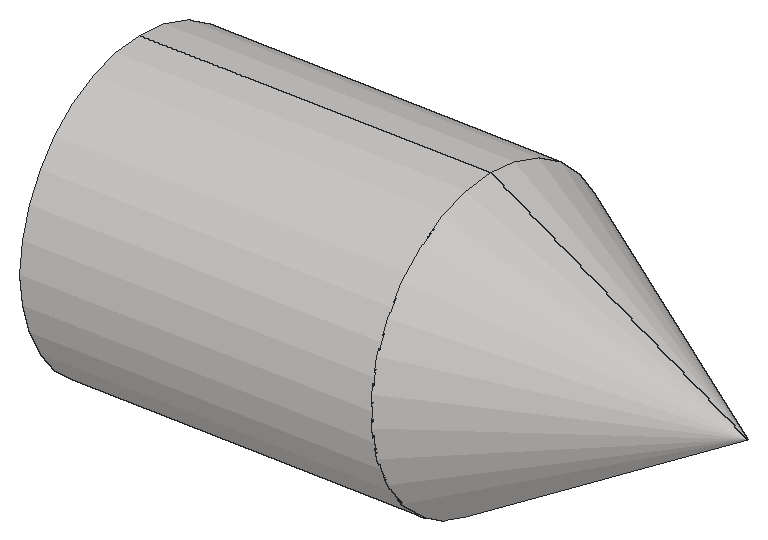
Revit family "DF_НаконечникЗаземления_EZETEK", category Соединительные детали воздуховодов, Revit 2017
Family settings
  Размер круглого соединителя = Использовать радиус
  Тип детали = Заглушка
  На основе рабочей плоскости = Нет
  Всегда вертикально = Да
  При загрузке вырезать с полостями = Нет
  Общий = Нет
Parameters (values of type "НаконечникЗаземления_НержавеющаяСталь_EZETEK")
  Тип = FA_НаконечникЗаземления_EZETEK : НаконечникЗаземления_НержавеющаяСталь_EZETEK
  СфераОшибки [instance] = if(or(and(or(ADSK_Размер_Диаметр < 14 mm, ADSK_Размер_Диаметр > 20 mm), Code1 = 1 mm), and(or(ADSK_Размер_Диаметр < 16 mm, ADSK_Размер_Диаметр > 16 mm), Code1 = 2 mm)), 1 = 1, 1 = 0)  # no
  Предупреждение [instance] = if(СфераОшибки, "Допустимые диаметры стержней: 8, 10", "")  # ""
  Описание = "Зажим позволяет выполнить соединение в параллельном направлении полосы шириной до 40 мм и прутка 8-10 мм, а также осуществить переход с полосы на пруток."  # constant formula
  Группа модели = "Наконечники заземления"  # constant formula
  Графика_Сместить [instance] = no
  Производитель_Контакты = "ezetek@ezetek.ru"  # constant formula
  built-in parameter 1114242 [instance] = 1 = 0  # (empty or 0)
  Изготовитель = "Ezetek"  # constant formula
  URL = "https://ezetek.ru/"
  R_Error [instance] = if(or(and(or(ADSK_Размер_Диаметр < 14 mm, ADSK_Размер_Диаметр > 20 mm), Code1 = 1 mm), and(or(ADSK_Размер_Диаметр < 16 mm, ADSK_Размер_Диаметр > 16 mm), Code1 = 2 mm)), 200 mm, 1 mm)  # 1 mm
  D [instance] = if(ADSK_Размер_Диаметр < 14 mm, 14 mm, if(ADSK_Размер_Диаметр > 20 mm, 20 mm, ADSK_Размер_Диаметр))  # 16 mm
  Code1 = 2 mm
  ADSK_Этаж [instance] = ""
  ADSK_Размер_Радиус [instance] = 8 mm
  ADSK_Размер_Диаметр [instance] = ADSK_Размер_Радиус * 2  # 16 mm
  ADSK_Примечание [instance] = "Неспецифицируемое"  # constant formula
  ADSK_Позиция [instance] = "Неспецифицируемое"  # constant formula
  ADSK_Обозначение = "Неспецифицируемое"  # constant formula
  ADSK_Наименование краткое [instance] = "Неспецифицируемое"  # constant formula
  ADSK_Наименование = "Неспецифицируемое"  # constant formula
  ADSK_Материал = BIMLIB_Сталь_Оцинкованная_EZETEK
  ADSK_Масса_Текст = "Неспецифицируемое"  # constant formula
  ADSK_Масса = 0  # constant formula
  ADSK_Марка = "Неспецифицируемое"  # constant formula
  ADSK_Количество = 0  # constant formula
  ADSK_Код изделия = "Неспецифицируемое"  # constant formula
  ADSK_Завод-изготовитель = "Неспецифицируемое"  # constant formula
  ADSK_Единица измерения = "Неспецифицируемое"  # constant formula
  ADSK_Группирование [instance] = ""
  ADSK_Версия Revit = "2017"  # constant formula
Types (2, lengths in mm): name | Тип | D | Code1 | ADSK_Размер_Радиус | ADSK_Размер_Диаметр
  НаконечникЗаземления_НержавеющаяСталь_EZETEK | FA_НаконечникЗаземления_EZETEK : НаконечникЗаземления_НержавеющаяСталь_EZETEK | 16 | 2 | 8 | 16
  НаконечникЗаземления_Сталь_EZETEK | FA_НаконечникЗаземления_EZETEK : НаконечникЗаземления_Сталь_EZETEK | 20 | 1 | 10 | 20
Reference planes
  plane 1 "По центру (Вперед/Назад)": y = 0
  plane 2: z = 0
  plane 3 "По центру (Влево/Вправо)": x = 0
Forms (mm)
  Revolve 1, solid, visible <- "СфераОшибки"
    sketch origin (0, 0, 0) x (1, 0, 0) y (0, 1, 0)
      loop
        arc (1, 0) -> (0, 1) -> (-1, 0) r 1
        line (-1, 0) -> (1, 0)
      axis (1, 0) -> (-1, 0)
    angle from 0 to 360
Lines and regions (mm)
  reference lines
    curve 1: line (0, 0, 0) -> (5, 0, 0)
Dimensions and locks
  "R_Error": radius of Revolve 1 sketch curve
  aligned and locked: level to plane 2
  aligned and locked: plane 3 "По центру (Влево/Вправо)" to Revolve 1 sketch curve
  aligned and locked: plane 1 "По центру (Вперед/Назад)" to Revolve 1 sketch curve
  aligned and locked: Revolve 1 sketch curve to plane 1 "По центру (Вперед/Назад)"
Automatic sketch dimensions
  plane 1 "По центру (Вперед/Назад)" to curve 1 = 0 mm
  curve 1 to plane 3 "По центру (Влево/Вправо)" = 0 mm
  plane 3 "По центру (Влево/Вправо)" to curve 1 = 5 mm
  Revolve 1 sketch curve to Revolve 1 sketch curve = 1788.538 mm
  Revolve 1 sketch curve to Revolve 1 sketch curve = 1811.462 mm
Nested families
  nested 1: "FA_НаконечникЗаземления_EZETEK" at (0, 0, 0), ADSK_Размер_Радиус <- "ADSK_Размер_Радиус", ADSK_Группирование <- "ADSK_Группирование", ADSK_Этаж <- "ADSK_Этаж", type <- "Тип", type "НаконечникЗаземления_НержавеющаяСталь_EZETEK", detail levels fine
    with Сместить yes, Использовать масштаб аннотаций 0, r 11 mm, R 16 mm, L 45 mm, ADSK_Этаж "", ADSK_Размер_Радиус 8 mm, ADSK_Размер_Диаметр 16 mm, ADSK_Примечание "", ADSK_Позиция "", ADSK_Обозначение "61457", ADSK_Наименование краткое "Зажим соединительный", ADSK_Наименование "Наконечник заземления 16 мм, нерж.", ADSK_Марка "61457", ADSK_Код изделия "61457", ADSK_Группирование ""
Connectors
  hvac at (0, 0, 0), driven by "ADSK_Размер_Радиус"
    settings: on curve 1, index 1, duct flow 0.0 L/s, flow factor 0, pres drop 0.0 Pa, loss coef 0, conn angle 0.00°, conn width 304.8 mm, conn height 304.8 mm, conn diameter 16 mm, duct sys type 29, conn prof type 0, flow config 0, flow direction 0, loss method 0, conn ref index -1, conn util no, is conn primary yes, conn desc ""
Definition of nested family "FA_НаконечникЗаземления_EZETEK"
  Parameters (values of type "НаконечникЗаземления_НержавеющаяСталь_EZETEK")
    Сместить [instance] = yes
    Производитель_Контакты = "ezetek@ezetek.ru"  # constant formula
    Description = "Наконечники заземления применяются для облегчения заглубления стержней заземления наружным диаметром 14-20 мм модульно-штыревой системы заземления, а также для минимизации повреждения антикоррозионного слоя стержней заземления при монтаже. Изделие выполнено из стали и имеет заостренную форму. Наконечник заземления имеет внутреннюю резьбу и накручивается на первый стержень заземления."  # constant formula
    Использовать масштаб аннотаций [instance] = 1 = 0  # 0
    Manufacturer = "Ezetek"  # constant formula
    Model = "Наконечники заземления"  # constant formula
    r [instance] = (R + 6 mm) / 2  # 10 mm
    URL = "https://ezetek.ru/"
    R [instance] = if(ADSK_Размер_Диаметр < 14 mm, 14 mm, if(ADSK_Размер_Диаметр > 20 mm, 20 mm, ADSK_Размер_Диаметр))  # 14 mm
    LT2 = "DF_НаконечникЗаземления_EZETEK_Обозначение"  # constant formula
    LT1 = "DF_НаконечникЗаземления_EZETEK_Наименование"  # constant formula
    L [instance] = size_lookup(LT1, "L", 45 mm, Code1, ADSK_Размер_Диаметр)  # 45 mm
    Code1 = 2 mm
    ADSK_Этаж [instance] = ""
    ADSK_Размер_Радиус [instance] = 7 mm
    ADSK_Размер_Диаметр [instance] = 2 * ADSK_Размер_Радиус  # 14 mm
    ADSK_Примечание [instance] = ""
    ADSK_Позиция [instance] = ""
    ADSK_Обозначение [instance] = size_lookup(LT2, "", "Не найдено!", Code1, ADSK_Размер_Диаметр)  # "Не найдено!"
    ADSK_Наименование краткое [instance] = "Наконечник заземления"
    ADSK_Наименование [instance] = size_lookup(LT1, "", "Не найдено!", Code1, ADSK_Размер_Диаметр)  # "Не найдено!"
    ADSK_Материал = none
    ADSK_Масса_Текст = "0.14"  # constant formula
    ADSK_Масса = 0.14  # constant formula
    ADSK_Марка [instance] = ADSK_Обозначение  # "Не найдено!"
    ADSK_Количество = 1  # constant formula
    ADSK_Код изделия [instance] = ADSK_Обозначение  # "Не найдено!"
    ADSK_Завод-изготовитель = "Ezetek"  # constant formula
    ADSK_Единица измерения = "шт."  # constant formula
    ADSK_Группирование [instance] = ""
    ADSK_Версия Revit = "2017"  # constant formula
  Types (2, lengths in mm): name | Code1 | ADSK_Обозначение | ADSK_Наименование | ADSK_Марка | ADSK_Код изделия
    НаконечникЗаземления_Сталь_EZETEK | 1 | "90325" | "Наконечник заземления 14 мм, сталь" | "90325" | "90325"
    НаконечникЗаземления_НержавеющаяСталь_EZETEK | 2 | "Не найдено!" | "Не найдено!" | "Не найдено!" | "Не найдено!"
  Reference planes
    plane 1 "По центру (Вперед/Назад)": y = 0
    plane 2: z = 0
    plane 3 "По центру (Влево/Вправо)": x = 0
    plane 4: x = 45
    plane 5: z = 10
  Forms (mm)
    Revolve 1, solid, material <- "ADSK_Материал", detail levels fine
      sketch origin (0, 0, 0) x (1, 0, 0) y (0, 0, 1)
        loop
          line (0, 0) -> (45, 0) -> (27.679, 10) -> (0, 10) -> (0, 0)
        axis (0, 0) -> (45, 0)
      angle from 0 to 360
  Dimensions and locks
    "L": plane 4 to plane 3 "По центру (Влево/Вправо)"
    "r": plane 5 to plane 2
    locked: plane 4 to Revolve 1 sketch curve (angle 60.00°)
    aligned and locked: level to plane 2
    aligned and locked: plane 5 to Revolve 1 sketch curve
    aligned and locked: plane 3 "По центру (Влево/Вправо)" to Revolve 1 sketch curve
    aligned and locked: Revolve 1 sketch curve to plane 2  (x2)
  Automatic sketch dimensions
    plane 4 to Revolve 1 sketch curve = 0 mm
    Revolve 1 sketch curve to plane 3 "По центру (Влево/Вправо)" = 1506.53 mm
    Revolve 1 sketch curve to plane 4 = 1794.148 mm
